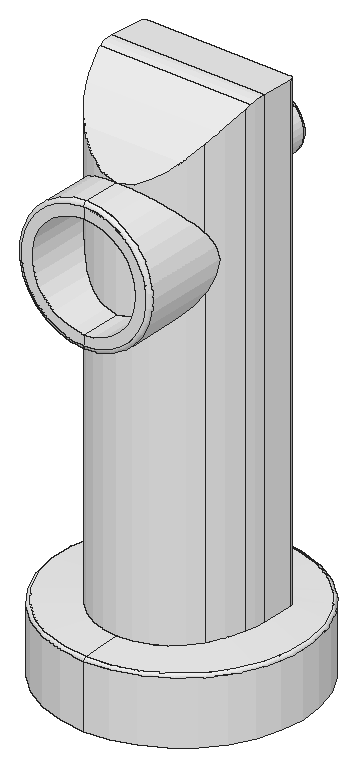
Revit family "Diverter_Tub_Spout-Grohe-Lineare-13382_Series", category Plumbing Fixtures, host Face, Revit 2018
Family settings
  Host = Face
  Round Connector Dimension = Use Diameter
  Part Type = Normal
  OmniClass Number = 23.45.05.14.21.11
  OmniClass Title = Bath/Shower Units
  Cut with Voids When Loaded = No
  Shared = Yes
  Room Calculation Point = No
Parameters (values of type "13382001")
  Width = 2 5/8"
  Waste Connection = no
  WFU = 4  # constant formula
  Vent Connection = no
  URL = "https://www.grohe.us"
  Type Comments = ""
  Tempered Water Connection Diameter = 5/8"
  Tempered Water Connection = yes
  Spout Reach = 4 7/16"
  Revised Date = "07/17/2021"
  Product Page URL = "https://www.grohe.us/Tub-Fillers/Diverter-Tub-Spout/GROHE-CHROME-13382001"
  Product Documentation Link = "https://americanstandard.box.com/shared/static/ygaormr7scp56iwjsnenrttz4deoi9tq.pdf"
  Price = "Prices may vary. Please consult Manufacturer Representative for most up-to-date price list."  # constant formula
  Model = "13382001"
  Material = "Metal-Grohe-001-StarLight Chrome"
  Manufacturer = "Grohe"  # constant formula
  Length = 5.82261"
  Installation Type = "Wall Mounted"  # constant formula
  IAPMO Compliance = "ASME A112.18.1/CSA B125.1"  # constant formula
  Height = 2 5/8"
  HWFU = 3  # constant formula
  Finish = Metal-Grohe-001-StarLight Chrome
  Description = "Lineare Diverter Tub Spout with 4 7⁄16 inch spout reach, pull diverter activated and SlipFit installation."  # constant formula
  Default Elevation = 21"  # constant formula
  Creation Date = "05/28/2018"  # constant formula
  CWFU = 3  # constant formula
  Assembly Code = "D2020300"
Types (3): name | Product Page URL | Model | Material | Length | Finish
  (no name) | "https://www.grohe.us/Tub-Fillers/Diverter-Tub-Spout/GROHE-CHROME-13382001" | "13382001" | "Metal-Grohe-001-StarLight Chrome" | 5.82261" | Metal-Grohe-001-StarLight Chrome
  13382001 | "https://www.grohe.us/Tub-Fillers/Diverter-Tub-Spout/GROHE-CHROME-13382001" | "13382001" | "Metal-Grohe-001-StarLight Chrome" | 5.82261" | Metal-Grohe-001-StarLight Chrome
  13382EN1 | "https://www.grohe.us/Tub-Fillers/Diverter-Tub-Spout/GROHE-BRUSHED-NICKEL-13382EN1" | "13382EN1" | "Metal-Grohe-EN1-Brushed Nickel Infinity Finish" | 5 211/256" | Metal-Grohe-EN1-Brushed Nickel Infinity Finish
Reference planes (in)
  plane 1 "Center (Front/Back)": y = 0
  plane 2: z = 0
  plane 3 "Center (Left/Right)": x = 0
  plane 4: z = 4.74434
  plane 5: x = -1.3125
  plane 6: x = 1.3125
  plane 7: y = -1.3125
  plane 8: y = 1.3125
  plane 9: z = 4.4375
  plane 10: z = 5.10416
  plane 11: y = -21
  plane 12: z = 5.82261
  plane 13: through (0.82434, 0, 5.82256) normal (0.726, 0, -0.6877)
  plane 14: x = -0.82463
  plane 15: x = 0.82463
Forms (in)
  Revolve 1, solid, material "Metal-Grohe-001-StarLight Chrome" <- "Finish"
    sketch origin (0, 0, 0) x (0, 1, 0) y (0, 0, 1)
      loop
        line (0, 0) -> (1.3125, 0) -> (1.3125, 0.6739)
        arc (1.3125, 0.6739) -> (1.30407, 0.69526) -> (1.28332, 0.70508) r 0.03125
        arc (1.28332, 0.70508) -> (0.64201, 0.73701) -> (0, 0.74765) r 19.3671
        line (0, 0.74765) -> (0, 0)
      axis (0, 0) -> (0, 0.74765)
    angle from 0 to 360
  Revolve 2, solid, material "Metal-Grohe-001-StarLight Chrome" <- "Finish"
    sketch origin (0, 0, -2.25541) x (0, 1, 0) y (0, 0, 1)
      loop
        line (-0.25, 7.20484) -> (-0.25, 7.35957) -> (-1.27091, 7.35957)
        arc (-1.27091, 7.35957) -> (-1.30032, 7.34739) -> (-1.3125, 7.31798) r 0.04159
        line (-1.3125, 7.31798) -> (-1.3125, 7.20484) -> (-0.25, 7.20484)
      axis (-0.25, 6.64549) -> (-1.3125, 6.64549)
    angle from 0 to 360
  Revolve 3, solid, material "Metal-Grohe-001-StarLight Chrome" <- "Finish"
    sketch origin (0, 0.09375, 0) x (0, 1, 0) y (0, 0, 1)
      loop
        line (0.35308, 4.74434) -> (1.21875, 4.74434)
        arc (1.21875, 4.74434) -> (1.21629, 4.87998) -> (1.20891, 5.01545) r 3.74016
        arc (1.20891, 5.01545) -> (1.20067, 5.03264) -> (1.18293, 5.03961) r 0.02605
        line (1.18293, 5.03961) -> (0.64267, 5.03961)
        arc (0.64267, 5.03961) -> (0.62669, 5.033) -> (0.62008, 5.01703) r 0.02259
        line (0.62008, 5.01703) -> (0.62008, 4.83117) -> (0.35308, 4.83117) -> (0.35308, 4.74434)
      axis (0.35308, 4.74434) -> (1.21875, 4.74434)
    angle from 0 to 360
  Extrusion 4, solid, material "Metal-Grohe-001-StarLight Chrome" <- "Finish"
    sketch origin (0, 0, 0) x (1, 0, 0) y (0, 1, 0)
      loop
        arc (-0.75216, 0.51114) -> (-0.79576, 0.49342) -> (-0.81464, 0.4503) r 0.0625
        line (-0.81464, 0.4503) -> (-0.82434, 0.08476)
        arc (-0.82434, 0.08476) -> (-0.81986, -0.02548) -> (-0.80066, -0.13412) r 0.82226
        arc (-0.80066, -0.13412) -> (-0.7391, -0.32281) -> (-0.65064, -0.50047) r 1.35467
        arc (-0.65064, -0.50047) -> (0, -0.87105) -> (0.65064, -0.50047) r 0.75646
        arc (0.65064, -0.50047) -> (0.7391, -0.32281) -> (0.80066, -0.13412) r 1.35467
        arc (0.80066, -0.13412) -> (0.81986, -0.02548) -> (0.82434, 0.08476) r 0.82226
        line (0.82434, 0.08476) -> (0.81464, 0.4503)
        arc (0.81464, 0.4503) -> (0.79576, 0.49342) -> (0.75216, 0.51114) r 0.0625
        line (0.75216, 0.51114) -> (-0.75216, 0.51114)
    from 0 to 5.85687
  Extrusion 5, void
    sketch origin (0, 0, 0) x (0, 1, 0) y (0, 0, 1)
      loop
        line (-0.91096, 5.10416) -> (-0.87105, 5.10416)
        arc (-0.87105, 5.10416) -> (-0.52842, 5.51009) -> (-0.07876, 5.79289) r 1.72965
        arc (-0.07876, 5.79289) -> (0.00429, 5.8176) -> (0.09081, 5.82222) r 0.36799
        line (0.09081, 5.82222) -> (0.52574, 5.79401) -> (0.52574, 5.89427) -> (-0.91096, 5.89427) -> (-0.91096, 5.10416)
    from -1.16936 to 1.15764
  Extrusion 6, solid, material "Metal-Grohe-001-StarLight Chrome" <- "Finish"
    sketch origin (0, 0, 0) x (1, 0, 0) y (0, 1, 0)
      loop
        circle (0, 0) r 0.3125
    from 0 to 0.05374
Cuts and joins
  Extrusion 5 cuts Extrusion 4
  joined: Revolve 1, Revolve 2, Revolve 3, Extrusion 4
Lines and regions (in)
  Masking region 1
    outline origin (0, 0, 0) x (1, 0, 0) y (0, 0, 1)
      loop
        line (-0.82463, 5.82261) -> (-0.82463, 0.73057) -> (-1.28308, 0.70654)
        arc (-1.28308, 0.70654) -> (-1.30398, 0.69691) -> (-1.3125, 0.67554) r 0.03104
        line (-1.3125, 0.67554) -> (-1.3125, 0) -> (1.3125, 0) -> (1.3125, 0.67554)
        arc (1.3125, 0.67554) -> (1.30398, 0.69691) -> (1.28308, 0.70654) r 0.03104
        line (1.28308, 0.70654) -> (0.82463, 0.73057) -> (0.82463, 5.82261) -> (-0.82463, 5.82261)
  symbolic lines, detail levels medium+fine
    curve 1: circle (0, 0, 4.74434) r 0.2957 normal (0, -1, 0)
    curve 2: arc (0.82425, 0, 0.73059) -> (0, 0, 0.7409) -> (-0.82425, 0, 0.73059) r 32.94221
  symbolic lines, detail levels fine
    curve 3: line (-0.75209, 0, 5.79496) -> (0.75297, 0, 5.79496)
    curve 4: spline (0.75297, 0, 5.79496) -> (0.75834, 0, 5.79498) -> (0.76366, 0, 5.79503) -> (0.76889, 0, 5.79511) -> (0.77401, 0, 5.79521) -> (0.77896, 0, 5.79535) -> (0.78371, 0, 5.79551) -> (0.78823, 0, 5.7957) -> (0.79248, 0, 5.79591) -> (0.79643, 0, 5.79615) -> (0.80006, 0, 5.79641) -> (0.80333, 0, 5.79668) -> (0.80622, 0, 5.79698)
    curve 5: arc (0.82463, 0, 5.82261) -> (0.81825, 0, 5.80776) -> (0.80622, 0, 5.79698) r 0.03755
    curve 6: spline (-0.75209, 0, 5.79496) -> (-0.75753, 0, 5.79497) -> (-0.76294, 0, 5.79502) -> (-0.76826, 0, 5.7951) -> (-0.77346, 0, 5.7952) -> (-0.77849, 0, 5.79534) -> (-0.78333, 0, 5.7955) -> (-0.78793, 0, 5.79569) -> (-0.79225, 0, 5.7959) -> (-0.79628, 0, 5.79614) -> (-0.79996, 0, 5.7964) -> (-0.80329, 0, 5.79668) -> (-0.80622, 0, 5.79698)
    curve 7: arc (-0.82463, 0, 5.82261) -> (-0.81825, 0, 5.80776) -> (-0.80622, 0, 5.79698) r 0.03755
Dimensions and locks (in)
  host face to plane 4 = 4.74434"
  "Spout Reach": plane 9 to host face
  "Default Elevation": plane 11 to plane 1 "Center (Front/Back)"
  "Width": plane 5 to plane 6
  "Height": plane 7 to plane 8
  "Length": level to plane 12
  aligned and locked: plane 2 to host face
  aligned and locked: level to host face
  aligned and locked: plane 1 "Center (Front/Back)" to Revolve 1 sketch curve
  aligned and locked: plane 15 to Masking region 1 sketch curve
  aligned and locked: Masking region 1 sketch curve to plane 14
  aligned and locked: Masking region 1 sketch curve to plane 12
  aligned and locked: plane 1 "Center (Front/Back)" to Extrusion 6 sketch curve
  aligned and locked: plane 3 "Center (Left/Right)" to Extrusion 6 sketch curve
Automatic sketch dimensions
  host sketch curve to host sketch curve = 96"  (x2)
  Revolve 1 sketch curve to level = 0"
  Revolve 1 sketch curve to plane 1 "Center (Front/Back)" = 0"
  Revolve 1 sketch curve to plane 8 = 0"
  plane 8 to Revolve 1 sketch curve = 1/32"
  Revolve 1 sketch curve to level = 18.61945"
  Revolve 1 sketch curve to Revolve 1 sketch curve = 0.6739"
  Revolve 1 sketch curve to Revolve 1 sketch curve = 0.74765"
  Revolve 1 sketch curve to Revolve 1 sketch curve = 0.24765"
  Revolve 1 sketch curve to Revolve 1 sketch curve = 0.50235"
  Revolve 2 sketch curve to plane 10 = 0"
  plane 7 to Revolve 2 sketch curve = 0"
  plane 7 to Revolve 2 sketch curve = 0.04159"
  plane 1 "Center (Front/Back)" to Revolve 2 sketch curve = 1/4"
  Revolve 2 sketch curve to Revolve 2 sketch curve = 0.11315"
  plane 7 to Revolve 2 sketch curve = 0.01787"
  plane 9 to Revolve 2 sketch curve = 0.04742"
  Revolve 2 sketch curve to Revolve 2 sketch curve = 0.13781"
  Revolve 3 sketch curve to plane 4 = 0"
  plane 4 to Revolve 3 sketch curve = 0"
  Revolve 3 sketch curve to plane 7 = 1.11516"
  Revolve 3 sketch curve to plane 1 "Center (Front/Back)" = 0.44683"
  Revolve 3 sketch curve to plane 4 = 0.08683"
  Revolve 3 sketch curve to Revolve 3 sketch curve = 0.267"
  Revolve 3 sketch curve to Revolve 3 sketch curve = 0.02259"
  plane 8 to Revolve 3 sketch curve = 0.03582"
  plane 8 to Revolve 3 sketch curve = 0"
  Revolve 3 sketch curve to plane 10 = 0.0906"
  Revolve 3 sketch curve to plane 10 = 0.08714"
  Revolve 3 sketch curve to Revolve 3 sketch curve = 0.08153"
  Revolve 3 sketch curve to Revolve 3 sketch curve = 0.35826"
  Extrusion 5 sketch curve to plane 10 = 0"
  plane 7 to Extrusion 5 sketch curve = 0.40154"
  Extrusion 5 sketch curve to Extrusion 5 sketch curve = 0.03991"
  Extrusion 5 sketch curve to plane 1 "Center (Front/Back)" = 0.067"
  Extrusion 5 sketch curve to plane 1 "Center (Front/Back)" = 0.09081"
  Extrusion 5 sketch curve to Extrusion 5 sketch curve = 0.43493"
  plane 9 to Extrusion 5 sketch curve = 0.2328"
  Extrusion 5 sketch curve to plane 1 "Center (Front/Back)" = 0.60633"
  plane 10 to Extrusion 5 sketch curve = 0.35083"
  Extrusion 5 sketch curve to Extrusion 5 sketch curve = 0.33902"
  Extrusion 5 sketch curve to Extrusion 5 sketch curve = 0.02933"
  plane 10 to Extrusion 5 sketch curve = 0.79011"
  Masking region 1 sketch curve to plane 5 = 0"
  plane 6 to Masking region 1 sketch curve = 0"
  plane 5 to Masking region 1 sketch curve = 0.02942"
  Masking region 1 sketch curve to Masking region 1 sketch curve = 0.03104"
  plane 6 to Masking region 1 sketch curve = 0.03104"
  plane 6 to Masking region 1 sketch curve = 0.02942"
  level to Masking region 1 sketch curve = 0.73057"
  level to Masking region 1 sketch curve = 0.70654"
  Masking region 1 sketch curve to Masking region 1 sketch curve = 0.02403"  (x2)
  Masking region 1 sketch curve to level = 0"
  Extrusion 4 sketch curve to plane 3 "Center (Left/Right)" = 0"
  Extrusion 4 sketch curve to plane 1 "Center (Front/Back)" = 0.19056"  (x2)
  Extrusion 4 sketch curve to plane 3 "Center (Left/Right)" = 0.00237"
  plane 3 "Center (Left/Right)" to Extrusion 4 sketch curve = 0.00237"
  Extrusion 4 sketch curve to plane 1 "Center (Front/Back)" = 0.08476"  (x2)
  Extrusion 4 sketch curve to plane 1 "Center (Front/Back)" = 0.06295"
  Extrusion 4 sketch curve to Extrusion 4 sketch curve = 0"  (x4)
  plane 1 "Center (Front/Back)" to Extrusion 4 sketch curve = 0.11459"
  Extrusion 4 sketch curve to Extrusion 4 sketch curve = 0.25808"  (x2)
  Extrusion 4 sketch curve to Extrusion 4 sketch curve = 0.00166"
  Extrusion 4 sketch curve to plane 3 "Center (Left/Right)" = 0.51453"
  Extrusion 4 sketch curve to Extrusion 4 sketch curve = 0.23763"
  Extrusion 4 sketch curve to Extrusion 4 sketch curve = 0.06248"
  Extrusion 4 sketch curve to Extrusion 4 sketch curve = 0.30981"
  Extrusion 4 sketch curve to plane 15 = 0.3101"
  Extrusion 4 sketch curve to plane 15 = 0.07247"
  Extrusion 4 sketch curve to plane 15 = 0.00999"
  Extrusion 4 sketch curve to plane 15 = 0.00029"
  curve 7 to plane 12 = 0"
  plane 14 to curve 7 = 0"
  plane 3 "Center (Left/Right)" to curve 2 = 0"
  curve 1 to plane 3 "Center (Left/Right)" = 0"
  curve 5 to plane 12 = 0"
  curve 5 to plane 15 = 0"
  curve 1 to plane 4 = 0"
  curve 7 to plane 12 = 0.00706"
  curve 7 to plane 14 = 0.03688"
  curve 7 to curve 3 = 0.03566"
  curve 3 to plane 15 = 0.07166"
  curve 5 to plane 12 = 0.00706"
  curve 5 to plane 15 = 0.03688"
  curve 2 to level = 32.2013"
  plane 12 to curve 3 = 0.02765"
  curve 2 to plane 14 = 0.00037"
  curve 6 to plane 14 = 0.00998"
  curve 6 to curve 6 = 0.00843"
  curve 4 to curve 4 = 0.00088"
  curve 4 to plane 15 = 0.01841"
  curve 4 to curve 4 = 0.00843"
  curve 2 to plane 15 = 0.00037"
  level to curve 2 = 0.73059"
  radius of curve 1 = 0.2957"
  radius of Extrusion 6 sketch curve = 5/16"
Connectors (in)
  piping at (0, 0, 0), diameter 0.625, driven by "Tempered Water Connection Diameter"
    settings: on cut or joined group of Revolve 1, Revolve 2, Revolve 3, Extrusion 4, Extrusion 5, index 1, connector inside diameter 24", connector length 0", flow factor 0, pipe flow 0 GPM, pressure drop 0.00 psi, fitting loss kfactor 0, connector angle 0.00°, fixture units 0, engagement length 0", angle of deflection 0.00°, flow configuration 0, flow direction 1, fitting loss method 0, system type 29, joint type 0, gender type 0, connector reference index -1, connector utility 0, adjustable connector no, is connector primary yes, connector description "5/8\" Tempered Water Connection Supply Inlet"
